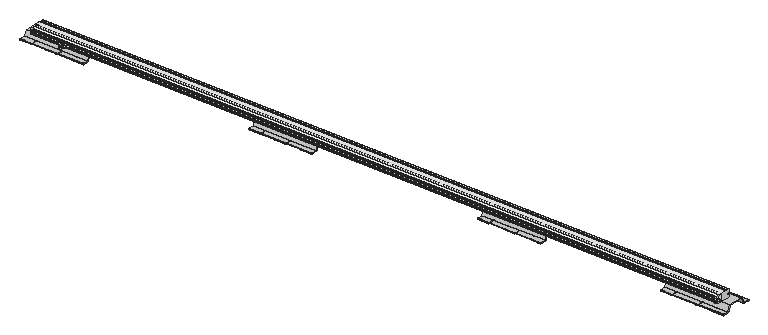
Revit family "FallProtection_RigidRail_Kattsafe_MetalDeck", category Specialty Equipment, Revit 2025
Family settings
  Round Connector Dimension = Use Diameter
  Part Type = Normal
  OmniClass Number = 23.27.71.21
  Enable Cutting in Views = No
  Cut with Voids When Loaded = No
  Maintain Annotation Orientation = No
  Shared = No
  Room Calculation Point = No
Parameters (values of type "Type 1")
  Uniclass2015Version = "Products v1.23"
  Uniclass2015Title = "Fall arrester devices"
  Uniclass2015Code = "Pr_40_70_75_29"
  URL = "https://kattsafe.com.au/"
  Type IFC Predefined Type = "USERDEFINED"
  Type Comments = "Rigid Rail - Metal Deck Mount - Horizontal"
  TrolleyType [instance] = Trolley_Kattsafe : Single Trolley (OH260)
  SupportExtra [instance] = ActualStartSupportInset + ActualFirstSupportSpacing + ((SupportCount - 1) * ActualSupportSpacing) < [built-in parameter 1001306] - 400 mm  # yes
  SupportCount [instance] = roundup(([built-in parameter 1001306] - ActualStartSupportInset - ActualFirstSupportSpacing) / ActualSupportSpacing)  # 2
  SupportArrayCountCalc [instance] = if(SupportCount < 2, 2, SupportCount)  # 2
  SupportArray [instance] = [built-in parameter 1001306] > ActualStartSupportInset + ActualFirstSupportSpacing + ActualSupportSpacing  # yes
  ShowRailJoinSupportZones [instance] = yes
  SafetyDisclaimer [instance] = "WARNING! The correct placement of access, fall protection and facade maintenance systems is critical to ensure it is fit-for-purpose and safe for the operator to use. Did you know Kattsafe® have a dedicated team of Height Safety System Design Specialists? Kattsafe® provide one-on-one consultation and system design assistance to ensure you are meeting the stringent requirements of height safety and to give you PEACE OF MIND with your project."  # constant formula
  RailJoinSupportZoneSingle [instance] = and(ShowRailJoinSupportZones, [built-in parameter 1001306] > 6500 mm, [built-in parameter 1001306] < 12500 mm)  # no
  RailJoinSupportZoneArray [instance] = and(ShowRailJoinSupportZones, [built-in parameter 1001306] > 12500 mm)  # no
  ManufacturerOverallDepth = 269 mm  # constant formula
  SecondSupportSingleCalc [instance] = not(SupportArray)  # no
  InternalRailJoinsCalc [instance] = if(InternalRailJoins < 2, 2, InternalRailJoins)  # 2
  InternalRailJoins [instance] = if(1 = 1, roundup(([built-in parameter 1001306] - 500 mm) / 6000 mm) - 1, 0)  # 0
  Export Type to IFC As = "IfcBuildingElementProxy"
  ElementType = "Fall Protection"
  Description = "Rigid rails provide significant spanning capabilities, making them very versatile where there are limited support structures. The high strength aluminium construction, along with the unique t-bolt assembly makes it a very simple and easily adaptable system to install."  # constant formula
  Default Elevation = 0 mm
  Assembly Code = "E1090100"
  ActualFirstSupportSpacing [instance] = if(DesiredFirstSupportSpacing < 100 mm, 100 mm, if(DesiredFirstSupportSpacing > [built-in parameter 1001306] - ActualStartSupportInset * 2, [built-in parameter 1001306] - ActualStartSupportInset * 2, if(DesiredFirstSupportSpacing > MaximumSpan, MaximumSpan, DesiredFirstSupportSpacing)))  # 2000 mm
  DesiredFirstSupportSpacing [instance] = 2000 mm
  ModifiedIssue = 20240430
  Model = "OH6"
  MaximumSpan [instance] = if(ActualUsersPerSpan = 1, 4000 mm, if(ActualUsersPerSpan = 2, 3200 mm, if(ActualUsersPerSpan = 3, 2500 mm, 2000 mm)))  # 4000 mm
  Material = Aluminum_Kattsafe_Satin
  ManufacturerURLProductSpecific = "https://kattsafe.com.au/products/rigid-rails/rigid-130-rail/rigid-130-rail-metal-deck-mount-OH6"
  ManufacturerSpecCode = Model  # "OH6"
  ManufacturerOverallLength [instance] = if(1 = 1, [built-in parameter 1001306], 0 mm)  # 6000 mm
  ManufacturerOverallHeight = 113 mm  # constant formula
  ManufacturerHeightFromFFL [instance] = 0 mm
  Manufacturer = "Kattsafe®"  # constant formula
  built-in parameter 1001306 [instance] = 6000 mm
  IfcExportType = "USERDEFINED"
  IfcExportAs = "IfcBuildingElementProxy"
  End2Capped [instance] = no
  End1Capped [instance] = no
  DesiredUsersPerSpan [instance] = 1
  DesiredSupportSpacing [instance] = 2000 mm
  DesiredStartSupportInset [instance] = 200 mm
  CreatedByURL = "https://igsgroup.com.au"
  CreatedBy = "IGS BIM Solutions"  # constant formula
  ActualUsersPerSpan [instance] = if(DesiredUsersPerSpan < 1, 1, if(DesiredUsersPerSpan > 4, 4, DesiredUsersPerSpan))  # 1
  ActualSupportSpacing [instance] = if(DesiredSupportSpacing < 100 mm, 100 mm, if(DesiredSupportSpacing > MaximumSpan, MaximumSpan, DesiredSupportSpacing))  # 2000 mm
  ActualStartSupportInset [instance] = if(DesiredStartSupportInset > 400 mm, 400 mm, if(DesiredStartSupportInset < 50 mm, 50 mm, DesiredStartSupportInset))  # 200 mm
Reference planes
  plane 1 "RailBack": y = 0
  plane 2 "BottomReference": z = 0
  plane 3 "Left": x = 0
  plane 4 "Right": x = 6000
  plane 5 "Bottom": z = 0
  plane 6 "RailFront": y = -130
  plane 7 "1stSupport": x = 200
  plane 8 "2ndSupport": x = 2200
  plane 9 "3rdSupport": x = 4200
  plane 10 "ExtraSupport": x = 5800
  plane 11 "RailCentre": z = 83
  plane 12 "BracketAlignment": y = -15
  plane 13 "Front": y = -149.5
  plane 14 "Back": y = 119.5
  plane 15 "Top": z = 113
  plane 16 "Trolley": x = 300
  plane 17 "RailJoin1": x = 6000
  plane 18 "RailJoin2": x = 12000
  plane 19 "RailCentre(Front/Back)": y = -65
Forms (mm)
  Sweep 1, solid, material "Aluminum_Kattsafe_Satin" <- "Material"
    path origin (0, 0, 83) x (-1, 0, 0) y (0, -1, 0)
      loop
        line (0, 130) -> (-6000, 130)
    profile "Z_Fallprotection_Kattsafe_Rigidrail_130 : Type 1" origin (3000, -130, 83) x (0, 1, 0) y (0, 0, 1)
      loop
        line (25.1, -30) -> (94.75, -30) -> (94.75, -23) -> (106.75, -23) -> (106.75, -30) -> (117, -30) -> (117, -24) -> (124, -24) -> (124, -30) -> (130, -30) -> (130, -10.5) -> (124, -10.5) -> (124, -16.5) -> (117, -16.5) -> (117, -10.5) -> (114, -10.5) -> (114, 10.5) -> (117, 10.5) -> (117, 16.5) -> (124, 16.5) -> (124, 10.5) -> (130, 10.5) -> (130, 30) -> (124, 30) -> (124, 24) -> (117, 24) -> (117, 30) -> (106.75, 30) -> (106.75, 23) -> (94.75, 23) -> (94.75, 30) -> (25.1, 30) -> (3.706, 24.267)
        arc (3.706, 24.267) -> (1.033, 22.482) -> (0, 19.438) r 5
        line (0, 19.438) -> (0, 9.025) -> (4, 9.025) -> (4, 17.903)
        arc (4, 17.903) -> (4.62, 19.729) -> (6.224, 20.801) r 3
        line (6.224, 20.801) -> (25.627, 26) -> (55, 26)
        arc (55, 26) -> (58.536, 24.536) -> (60, 21) r 5
        line (60, 21) -> (60, -21)
        arc (60, -21) -> (58.536, -24.536) -> (55, -26) r 5
        line (55, -26) -> (25.627, -26) -> (6.224, -20.801)
        arc (6.224, -20.801) -> (4.62, -19.729) -> (4, -17.903) r 3
        line (4, -17.903) -> (4, -9.025) -> (0, -9.025) -> (0, -19.438)
        arc (0, -19.438) -> (1.033, -22.482) -> (3.706, -24.267) r 5
        line (3.706, -24.267) -> (25.1, -30)
Lines and regions (mm)
  reference lines
    curve 1: line (0, 0, 0) -> (6000, 0, 0)
Text (mm)
  text "Disclaimer:\nDue to ongoing product development and manufacturing \nevolution, product details are subject to change without \nnotice. Please refer to product technical data sheets on \nthe manufacturers website for the most current product \ninformation. Please allow a +/- 5mm manufacturing \ntolerance for dimensions and set-outs shown in product \nliterature." at (9794.221, -1431.406, 0), in view "Ref. Level"
Dimensions and locks
  "built-in parameter 1001306": plane 3 "Left" to plane 4 "Right"
  "ManufacturerHeightFromFFL": plane 5 "Bottom" to plane 2 "BottomReference"
  locked: plane 1 "RailBack" to plane 6 "RailFront" at 130
  "ActualStartSupportInset": plane 7 "1stSupport" to plane 3 "Left"
  "ActualFirstSupportSpacing": plane 8 "2ndSupport" to plane 7 "1stSupport"
  "ActualSupportSpacing": plane 9 "3rdSupport" to plane 8 "2ndSupport"
  "ActualStartSupportInset": plane 4 "Right" to plane 10 "ExtraSupport"
  locked: plane 11 "RailCentre" to plane 5 "Bottom" at 83
  group 1 to group 2 = 2000 mm
  group 1 to group 2 = 0 mm
  group 2 to group 1 = 0 mm
  locked: plane 1 "RailBack" to plane 12 "BracketAlignment" at 15
  "ManufacturerOverallDepth": plane 13 "Front" to plane 14 "Back"
  "ManufacturerOverallHeight": plane 15 "Top" to plane 5 "Bottom"
  locked: plane 3 "Left" to plane 16 "Trolley" at 300
  group 3 to group 4 = 6000 mm
  group 4 to group 3 = 0 mm
  group 3 to group 4 = 0 mm
  plane 18 "RailJoin2" to plane 17 "RailJoin1" to plane 3 "Left" = 6000 mm locked, 6000 mm locked
  equal spacing: plane 6 "RailFront", plane 19 "RailCentre(Front/Back)", plane 1 "RailBack"
  aligned and locked: plane 4 "Right" to curve 1
  aligned and locked: plane 1 "RailBack" to curve 1
  aligned and locked: plane 3 "Left" to curve 1
  aligned and locked: level to plane 2 "BottomReference"
  aligned and locked: plane 3 "Left" to Sweep 1 sketch curve
  aligned and locked: plane 4 "Right" to Sweep 1 sketch curve
  aligned and locked: Sweep 1 sketch curve to plane 6 "RailFront"
  aligned and locked: nested 1 to plane 5 "Bottom"
  aligned and locked: plane 5 "Bottom" to nested 3
  aligned and locked: plane 5 "Bottom" to nested 2
  aligned and locked: plane 5 "Bottom" to nested 4
  aligned and locked: nested 2 to plane 8 "2ndSupport"
  aligned and locked: nested 3 to plane 8 "2ndSupport"
  aligned and locked: nested 4 to plane 10 "ExtraSupport"
  aligned and locked: plane 11 "RailCentre" to nested 5
  aligned and locked: nested 6 to plane 11 "RailCentre"
  aligned and locked: nested 6 to plane 1 "RailBack"
  aligned and locked: nested 5 to plane 1 "RailBack"
  aligned and locked: plane 12 "BracketAlignment" to nested 4
  aligned and locked: nested 7 to plane 9 "3rdSupport"
  aligned and locked: nested 7 to plane 5 "Bottom"
  aligned and locked: plane 7 "1stSupport" to nested 1
  aligned and locked: nested 1 to plane 12 "BracketAlignment"
  aligned and locked: nested 2 to plane 12 "BracketAlignment"
  aligned and locked: nested 3 to plane 12 "BracketAlignment"
  aligned and locked: nested 7 to plane 12 "BracketAlignment"
  aligned and locked: plane 16 "Trolley" to nested 8
  aligned and locked: nested 8 to plane 6 "RailFront"
  aligned and locked: nested 10 to plane 11 "RailCentre"
  aligned and locked: nested 9 to plane 11 "RailCentre"
  aligned and locked: nested 11 to plane 11 "RailCentre"
  aligned and locked: plane 18 "RailJoin2" to nested 11
  aligned and locked: plane 17 "RailJoin1" to nested 10
  aligned and locked: plane 17 "RailJoin1" to nested 9
  aligned and locked: plane 19 "RailCentre(Front/Back)" to nested 10
  aligned and locked: plane 19 "RailCentre(Front/Back)" to nested 9
  aligned and locked: plane 19 "RailCentre(Front/Back)" to nested 11
Nested families
  nested 1: "Z_Mount_Kattsafe_Rigidrail_Metaldeck" at (200, -15, 0), type "Type 1"
    with VerticalRailBracket no, Material Steel_Stainless_Kattsafe_Satin, ManufacturerOverallHeight 100 mm, HorizontalRailBracket yes
  nested 2: "Z_Mount_Kattsafe_Rigidrail_Metaldeck" at (2200, -15, 0), visible <- "SupportArray", type "Type 1"
    with VerticalRailBracket no, Material Steel_Stainless_Kattsafe_Satin, ManufacturerOverallHeight 100 mm, HorizontalRailBracket yes
  nested 3: "Z_Mount_Kattsafe_Rigidrail_Metaldeck" at (2200, -15, 0), visible <- "SecondSupportSingleCalc", type "Type 1"
    with VerticalRailBracket no, Material Steel_Stainless_Kattsafe_Satin, ManufacturerOverallHeight 100 mm, HorizontalRailBracket yes
  nested 4: "Z_Mount_Kattsafe_Rigidrail_Metaldeck" at (5800, -15, 0), visible <- "SupportExtra", type "Type 1"
    with VerticalRailBracket no, Material Steel_Stainless_Kattsafe_Satin, ManufacturerOverallHeight 100 mm, HorizontalRailBracket yes
  nested 5: "Z_Kattsafe_Endcap" at (0, -130, 83) x (0, 0, 1) z (-1, 0, 0), visible <- "End1Capped", type "Type 1"
  nested 6: "Z_Kattsafe_Endcap" at (6000, -130, 83) x (0, 0, -1) z (1, 0, 0), visible <- "End2Capped", type "Type 1"
  nested 7: "Z_Mount_Kattsafe_Rigidrail_Metaldeck" at (4200, -15, 0), visible <- "SupportArray", type "Type 1"
    with VerticalRailBracket no, Material Steel_Stainless_Kattsafe_Satin, ManufacturerOverallHeight 100 mm, HorizontalRailBracket yes
  nested 8: "Trolley_Kattsafe" at (300, -130, 83), type <- "TrolleyType", type "Single Trolley (OH260)"
  nested 9: "z_Clearance_Kattsafe_RailJoin" at (6000, -65, 83), visible <- "RailJoinSupportZoneSingle", type "Type 1"
  nested 10: "z_Clearance_Kattsafe_RailJoin" at (6000, -65, 83), visible <- "RailJoinSupportZoneArray", type "Type 1"
  nested 11: "z_Clearance_Kattsafe_RailJoin" at (12000, -65, 83), visible <- "RailJoinSupportZoneArray", type "Type 1"
Definition of nested family "Z_Mount_Kattsafe_Rigidrail_Metaldeck"
  Parameters (values of type "Type 1")
    VerticalRailBracket [instance] = not(HorizontalRailBracket)  # no
    URL = "https://kattsafe.com.au/"
    Type Comments = ""
    Model = "OH444A"
    Material [instance] = none
    ManufacturerOverallWidth = 552 mm  # constant formula
    ManufacturerOverallHeight [instance] = if(HorizontalRailBracket, 100 mm, 134 mm)  # 100 mm
    ManufacturerOverallDepth = 269 mm  # constant formula
    Manufacturer = "SAYFA"  # constant formula
    HorizontalRailBracket [instance] = yes
    Default Elevation = 1219.2 mm
    CreatedByURL = "https://igsgroup.com.au"
    CreatedBy = "IGS BIM Solutions"  # constant formula
  Reference planes
    plane 1 "Center (Front/Back)": y = 0
    plane 2: z = 0
    plane 3 "Center (Left/Right)": x = 0
    plane 4: z = 50
    plane 5: x = -276
    plane 6: x = 276
    plane 7: y = 134.5
    plane 8: y = -134.5
    plane 9: z = 3
    plane 10: y = 84.5
    plane 11: y = -84.5
    plane 12 "Top": z = 100
  Forms (mm)
    Extrusion 1, solid, material <- "Material"
      sketch origin (0, -1.4, 3) x (0, -1, 0) y (0, 0, 1)
        loop
          line (-69.522, 47) -> (-85.9, 2) -> (-135.9, 2) -> (-135.9, 0) -> (-84.5, 0) -> (-68.121, 45) -> (65.321, 45) -> (81.699, 0) -> (133.1, 0) -> (133.1, 2) -> (83.1, 2) -> (66.721, 47) -> (-69.522, 47)
      from -276 to 276
    Extrusion 2, solid
      sketch origin (0, 0, 0) x (1, 0, 0) y (0, 1, 0)
        loop
          line (-276, 134.5) -> (-276, 84.5) -> (-176, 84.5) -> (-176, 134.5) -> (-276, 134.5)
        loop
          line (-50, 134.5) -> (-50, 84.5) -> (50, 84.5) -> (50, 134.5) -> (-50, 134.5)
        loop
          line (176, 134.5) -> (176, 84.5) -> (276, 84.5) -> (276, 134.5) -> (176, 134.5)
        loop
          line (-276, -84.5) -> (-276, -134.5) -> (-176, -134.5) -> (-176, -84.5) -> (-276, -84.5)
        loop
          line (-50, -84.5) -> (-50, -134.5) -> (50, -134.5) -> (50, -84.5) -> (-50, -84.5)
        loop
          line (176, -84.5) -> (176, -134.5) -> (276, -134.5) -> (276, -84.5) -> (176, -84.5)
      from 0 to 3
    Extrusion 3, void
      sketch origin (0, 0, 0) x (1, 0, 0) y (0, 1, 0)
        loop
          line (-266, 134.5) -> (-276, 134.5) -> (-276, 124.5)
          arc (-276, 124.5) -> (-273.071, 131.571) -> (-266, 134.5) r 10
        loop
          arc (266, 134.5) -> (273.071, 131.571) -> (276, 124.5) r 10
          line (276, 124.5) -> (276, 134.5) -> (266, 134.5)
        loop
          arc (-266, -134.5) -> (-273.071, -131.571) -> (-276, -124.5) r 10
          line (-276, -124.5) -> (-276, -134.5) -> (-266, -134.5)
        loop
          line (266, -134.5) -> (276, -134.5) -> (276, -124.5)
          arc (276, -124.5) -> (273.071, -131.571) -> (266, -134.5) r 10
      from 3 to 5
    Extrusion 4, solid, material <- "Material", visible <- "HorizontalRailBracket"
      sketch origin (0, 10.29, 0) x (0, 1, 0) y (0, 0, 1)
        loop
          line (50.71, 50) -> (50.71, 56) -> (10.71, 56) -> (10.71, 100) -> (4.71, 100) -> (4.71, 50) -> (50.71, 50)
      from -100 to 100
    Extrusion 5, solid, material <- "Material", visible <- "VerticalRailBracket"
      sketch origin (0, 0, 0) x (0, 1, 0) y (0, 0, 1)
        loop
          line (-35, 134) -> (-35, 60)
          arc (-35, 60) -> (-32.071, 52.929) -> (-25, 50) r 10
          line (-25, 50) -> (25, 50)
          arc (25, 50) -> (32.071, 52.929) -> (35, 60) r 10
          line (35, 60) -> (35, 134) -> (30, 134) -> (30, 60)
          arc (30, 60) -> (28.536, 56.464) -> (25, 55) r 5
          line (25, 55) -> (-25, 55)
          arc (-25, 55) -> (-28.536, 56.464) -> (-30, 60) r 5
          line (-30, 60) -> (-30, 134) -> (-35, 134)
      from 25 to -25
  Cuts and joins
    Extrusion 3 cuts Extrusion 1
    Extrusion 3 cuts Extrusion 2
  Lines and regions (mm)
    Masking region 1
      outline origin (0, 0, 0) x (1, 0, 0) y (0, 1, 0)
        loop
          arc (-266, 134.5) -> (-273.071, 131.571) -> (-276, 124.5) r 10
          line (-276, 124.5) -> (-276, -124.5)
          arc (-276, -124.5) -> (-273.071, -131.571) -> (-266, -134.5) r 10
          line (-266, -134.5) -> (266, -134.5)
          arc (266, -134.5) -> (273.071, -131.571) -> (276, -124.5) r 10
          line (276, -124.5) -> (276, 124.5)
          arc (276, 124.5) -> (273.071, 131.571) -> (266, 134.5) r 10
          line (266, 134.5) -> (-266, 134.5)
    Masking region 2, visible <- "VerticalRailBracket"
      outline origin (0, 0, 0) x (1, 0, 0) y (0, 1, 0)
        loop
          line (-25, 30) -> (25, 30) -> (25, 35) -> (-25, 35) -> (-25, 30)
        loop
          line (25, -30) -> (-25, -30) -> (-25, -35) -> (25, -35) -> (25, -30)
    symbolic lines, detail levels medium+fine
      curve 1: line (-276, 84.5, 0) -> (276, 84.5, 0)
      curve 2: line (-276, 64.993, 0) -> (276, 64.993, 0)
      curve 3: line (-276, -64.993, 0) -> (276, -64.993, 0)
      curve 4: line (-276, -84.5, 0) -> (276, -84.5, 0)
    symbolic lines, visible <- "HorizontalRailBracket", detail levels medium+fine
      curve 5: line (-100, 61, 0) -> (-100, 15, 0)
      curve 6: line (100, 61, 0) -> (-100, 61, 0)
      curve 7: line (100, 15, 0) -> (100, 61, 0)
      curve 8: line (-100, 15, 0) -> (100, 15, 0)
      curve 9: line (100, 21, 0) -> (-100, 21, 0)
  Dimensions and locks
    locked: plane 4 to plane 2 at 50
    equal spacing: plane 5, plane 3 "Center (Left/Right)", plane 6
    "ManufacturerOverallWidth": plane 5 to plane 6
    equal spacing: plane 8, plane 1 "Center (Front/Back)", plane 7
    "ManufacturerOverallDepth": plane 8 to plane 7
    locked: Extrusion 1 sketch curve to Extrusion 1 sketch curve at 2  (x2)
    locked: plane 9 to Extrusion 1 sketch curve at 2  (x2)
    locked: plane 4 to Extrusion 1 sketch curve at 2
    locked: plane 5 to Extrusion 2 sketch curve at 100
    locked: Extrusion 2 sketch curve to plane 7 at 50
    Extrusion 2 sketch curve to plane 3 "Center (Left/Right)" to Extrusion 2 sketch curve = 50 mm locked, 50 mm locked
    locked: Extrusion 2 sketch curve to plane 6 at 100
    locked: plane 8 to Extrusion 2 sketch curve at 50
    locked: curve 3 to plane 1 "Center (Front/Back)" at 64.993
    locked: plane 1 "Center (Front/Back)" to curve 2 at 64.993
    locked: plane 7 to plane 10 at 50
    locked: plane 8 to plane 11 at 50
    locked: plane 9 to plane 2 at 3
    locked: plane 4 to Extrusion 4 sketch curve at 6
    locked: Extrusion 4 sketch curve to Extrusion 4 sketch curve at 6
    plane 4 to Extrusion 4 sketch curve = 50 mm
    Extrusion 5 sketch curve to Extrusion 5 sketch curve = 70 mm
    locked: Extrusion 5 sketch curve to Extrusion 5 sketch curve at 5  (x2)
    locked: plane 4 to Extrusion 5 sketch curve at 84
    "ManufacturerOverallHeight": plane 12 "Top" to plane 2
    radius of Masking region 1 sketch curve = 10 mm  (x4)
    radius of Extrusion 5 sketch curve = 10 mm  (x2)
    radius of Extrusion 5 sketch curve = 5 mm  (x2)
    locked: Extrusion 1 sketch curve to plane 10 (angle 20.00°)  (x2)
    locked: plane 11 to Extrusion 1 sketch curve (angle 20.00°)  (x2)
    aligned and locked: level to plane 2
    aligned and locked: plane 5 to Extrusion 1
    aligned and locked: Extrusion 1 to plane 6
    aligned and locked: plane 9 to Extrusion 1
    aligned and locked: plane 4 to Extrusion 1 sketch curve
    aligned and locked: plane 10 to Extrusion 1 sketch curve
    aligned and locked: plane 11 to Extrusion 1 sketch curve
    aligned and locked: plane 6 to Masking region 1 sketch curve
    aligned and locked: plane 7 to Masking region 1 sketch curve
    aligned and locked: Masking region 1 sketch curve to plane 5
    aligned and locked: Masking region 1 sketch curve to plane 8
    aligned and locked: plane 7 to Extrusion 2 sketch curve  (x3)
    aligned and locked: Extrusion 2 sketch curve to plane 5  (x2)
    aligned and locked: plane 6 to Extrusion 2 sketch curve  (x2)
    aligned and locked: Extrusion 2 sketch curve to Extrusion 2 sketch curve  (x8)
    aligned and locked: Extrusion 2 sketch curve to plane 8  (x3)
    aligned and locked: Extrusion 2 to plane 2
    aligned and locked: Extrusion 2 to plane 9
    aligned and locked: plane 6 to curve 3
    aligned and locked: plane 6 to curve 4
    aligned and locked: plane 6 to curve 2
    aligned and locked: plane 6 to curve 1
    aligned and locked: plane 5 to curve 1
    aligned and locked: plane 5 to curve 2
    aligned and locked: plane 5 to curve 3
    aligned and locked: plane 5 to curve 4
    aligned and locked: curve 1 to plane 10
    aligned and locked: curve 4 to plane 11
    aligned and locked: Extrusion 3 sketch curve to plane 7
    aligned and locked: Extrusion 3 sketch curve to plane 5
    aligned and locked: Extrusion 3 sketch curve to Masking region 1
    aligned and locked: plane 7 to Extrusion 3 sketch curve
    aligned and locked: Extrusion 3 sketch curve to plane 6
    aligned and locked: Extrusion 3 sketch curve to plane 8
    aligned and locked: plane 5 to Extrusion 3 sketch curve
    aligned and locked: plane 6 to Extrusion 3 sketch curve
    aligned and locked: plane 8 to Extrusion 3 sketch curve
    aligned and locked: Extrusion 3 to Extrusion 1  (x2)
    aligned and locked: curve 5 to Extrusion 4
    aligned and locked: curve 6 to Extrusion 4
    aligned and locked: curve 7 to Extrusion 4
    aligned and locked: curve 8 to Extrusion 4
    aligned and locked: curve 9 to Extrusion 4
    aligned and locked: Extrusion 5 sketch curve to plane 4
    aligned and locked: Extrusion 5 sketch curve to Extrusion 5 sketch curve
    aligned and locked: Masking region 2 sketch curve to Extrusion 5  (x6)
    aligned and locked: Extrusion 5 to Masking region 2 sketch curve
  Automatic sketch dimensions
    plane 7 to Extrusion 1 sketch curve = 0 mm
    plane 9 to Extrusion 1 sketch curve = 0 mm  (x2)
    plane 8 to Extrusion 1 sketch curve = 0 mm
    Extrusion 3 sketch curve to plane 5 = 0 mm
    plane 8 to Extrusion 3 sketch curve = 0 mm  (x2)
    plane 7 to Extrusion 3 sketch curve = 0 mm
    Extrusion 3 sketch curve to plane 6 = 0 mm  (x2)
    Extrusion 3 sketch curve to Extrusion 3 sketch curve = 10 mm  (x2)
    plane 6 to Extrusion 3 sketch curve = 10 mm
    Extrusion 3 sketch curve to Extrusion 3 sketch curve = 0 mm  (x8)
    plane 4 to Extrusion 4 sketch curve = 0 mm
    Extrusion 4 sketch curve to plane 1 "Center (Front/Back)" = 15 mm
    Extrusion 4 sketch curve to plane 10 = 23.5 mm
    Extrusion 5 sketch curve to Extrusion 5 sketch curve = 0 mm
    plane 7 to Extrusion 5 sketch curve = 169.5 mm
    Masking region 2 sketch curve to plane 3 "Center (Left/Right)" = 25 mm
Definition of nested family "Z_Kattsafe_Endcap"
  Parameters (values of type "Type 1")
    URL = "https://kattsafe.com.au/"
    Manufacturer = "SAYFA"  # constant formula
    EndBracket = yes
    Default Elevation = 1219.2 mm
  Reference planes
    plane 1 "Center (Front/Back)": y = 0
    plane 2: z = 0
    plane 3 "Center (Left/Right)": x = 0
  Forms (mm)
    Extrusion 1, solid
      sketch origin (0, 0, 0) x (1, 0, 0) y (0, 1, 0)
        loop
          line (-1219.2, 1219.2) -> (-1219.2, -1219.2) -> (1219.2, -1219.2) -> (1219.2, 1219.2) -> (-1219.2, 1219.2)
      from 0 to -304.8
    Extrusion 2, solid, visible <- "EndBracket"
      sketch origin (-1824.125, 130, 1039.649) x (0, 0, 1) y (-1, 0, 0)
        loop
          line (-1074.649, -1794) -> (-1039.649, -1794) -> (-1039.649, -1854.25) -> (-1074.649, -1854.25) -> (-1074.649, -1857.25) -> (-1036.649, -1857.25) -> (-1036.649, -1790.75) -> (-1074.649, -1790.75) -> (-1074.649, -1794)
      from 0 to 105
    Extrusion 3, solid, visible <- "EndBracket"
      sketch origin (-0.125, 0, 0) x (1, 0, 0) y (0, 1, 0)
        loop
          line (24.498, 3.697) -> (27.25, 13.889)
          spline (27.25, 13.889) -> (28.033, 14.815) -> (28.803, 15.741) -> (29.546, 16.667) -> (30.25, 17.593) -> (30.903, 18.519) -> (31.493, 19.444) -> (32.01, 20.37) -> (32.446, 21.296) -> (32.793, 22.222) -> (33.045, 23.148) -> (33.198, 24.074) -> (33.25, 25)
          line (33.25, 25) -> (-33.25, 25)
          spline (-33.25, 25) -> (-33.198, 24.074) -> (-33.045, 23.148) -> (-32.793, 22.222) -> (-32.446, 21.296) -> (-32.01, 20.37) -> (-31.492, 19.444) -> (-30.902, 18.519) -> (-30.249, 17.593) -> (-29.546, 16.667) -> (-28.803, 15.741) -> (-28.033, 14.815) -> (-27.25, 13.889)
          line (-27.25, 13.889) -> (-24.498, 3.697)
          arc (-24.498, 3.697) -> (-22.711, 1.03) -> (-19.671, 0) r 5
          line (-19.671, 0) -> (19.671, 0)
          arc (19.671, 0) -> (22.711, 1.03) -> (24.498, 3.697) r 5
      from 0 to 3
    Extrusion 4, void
      sketch origin (-0.125, 0, 0) x (1, 0, 0) y (0, 0, 1)
        loop
          line (-33.25, 3) -> (-33.25, -3)
          arc (-33.25, -3) -> (-31.493, 1.243) -> (-27.25, 3) r 6
          line (-27.25, 3) -> (-33.25, 3)
        loop
          line (33.25, 3) -> (27.25, 3)
          arc (27.25, 3) -> (31.493, 1.243) -> (33.25, -3) r 6
          line (33.25, -3) -> (33.25, 3)
      from -130 to 0
  Cuts and joins
    Extrusion 4 cuts Extrusion 2
    Extrusion 4 cuts Extrusion 3
    joined: Extrusion 2, Extrusion 3
  Dimensions and locks
    locked: Extrusion 2 sketch curve to Extrusion 2 sketch curve at 66.5
    locked: Extrusion 2 sketch curve to Extrusion 2 sketch curve at 3.25
    locked: Extrusion 2 sketch curve to Extrusion 2 sketch curve at 3
    aligned and locked: plane 2 to Extrusion 1
    aligned and locked: level to Extrusion 1
    aligned and locked: Extrusion 2 sketch curve to Extrusion 2 sketch curve
    aligned and locked: Extrusion 3 to Extrusion 2
    aligned and locked: Extrusion 4 to cut or joined group of Extrusion 2, Extrusion 3, Extrusion 4  (x2)
Definition of nested family "Trolley_Kattsafe"
  Parameters (values of type "Single Trolley (OH260)")
    URL = "https://kattsafe.com.au/"
    SingleTrolley = yes
    RollerOffsetCalc = if(DoubleRollers, 75 mm, 47 mm)  # 47 mm
    Model = "OH260"
    Material = none
    ManufacturerOverallWidth = if(SingleTrolley, 150 mm, 206 mm)  # 150 mm
    ManufacturerOverallHeight = 119 mm
    ManufacturerOverallDepth = 49 mm
    Manufacturer = "SAYFA"  # constant formula
    DualTrolley = no
    DualOffsetTrolley = no
    DualMultiTrolley = no
    DoubleRollers = not(SingleTrolley)  # no
    Default Elevation = 1219.2 mm
    CreatedByURL = "https://igsgroup.com.au"
    CreatedBy = "IGS BIM Solutions"  # constant formula
  Types (4, lengths in mm): name | SingleTrolley | RollerOffsetCalc | Model | ManufacturerOverallWidth | ManufacturerOverallHeight | DualTrolley | DualOffsetTrolley | DualMultiTrolley | DoubleRollers
    Single Trolley (OH260) | yes | 47 | "OH260" | 150 | 119 | no | no | no | no
    Dual Trolley (OH261A) | no | 75 | "OH261A" | 206 | 134 | yes | no | no | yes
    Dual Offset Trolley (OH261F) | no | 75 | "OH261F" | 206 | 122 | no | yes | no | yes
    Dual Multi Trolley (OH261M) | no | 75 | "OH261M" | 206 | 77 | no | no | yes | yes
  Reference planes
    plane 1 "Centre (Front/Back)": y = 0
    plane 2 "Ref. Level": y = 0
    plane 3 "Centre (Left/Right)": x = 0
    plane 4 "RailBottom": z = 0
  Forms (mm)
    Extrusion 1, solid, material <- "Material", detail levels medium+fine
      sketch origin (0, -42.75, 0) x (1, 0, 0) y (0, 1, 0)
        loop
          circle (-47, 74.555) r 26
        loop
          circle (47, 74.555) r 26
      from -18 to -3
    Extrusion 2, solid, material <- "Material", visible <- "DoubleRollers", detail levels medium+fine
      sketch origin (-6.323, 32.684, 0) x (1, 0, 0) y (0, 1, 0)
        loop
          circle (-24.927, 12.316) r 15
        loop
          circle (37.573, 12.316) r 15
      from -12 to -3
    Extrusion 3, solid, material <- "Material", visible <- "SingleTrolley", detail levels medium+fine
      sketch origin (-50.585, -29.555, 0) x (1, 0, 0) y (0, 1, 0)
        loop
          circle (50.585, 74.555) r 15
      from -12 to -3
    Extrusion 4, solid, material <- "Material", visible <- "DualTrolley"
      sketch origin (-28, -2.8, 0) x (1, 0, 0) y (0, 1, 0)
        loop
          line (-75, 46.8) -> (-75, 3.645)
          arc (-75, 3.645) -> (-73.478, -4.009) -> (-69.142, -10.497) r 20
          line (-69.142, -10.497) -> (-14.142, -65.497)
          arc (-14.142, -65.497) -> (-6.487, -70.274) -> (2.487, -71.2) r 20
          line (2.487, -71.2) -> (56.155, -71.2)
          arc (56.155, -71.2) -> (63.809, -69.678) -> (70.297, -65.342) r 20
          line (70.297, -65.342) -> (125.142, -10.497)
          arc (125.142, -10.497) -> (129.478, -4.009) -> (131, 3.645) r 20
          line (131, 3.645) -> (131, 46.8)
          arc (131, 46.8) -> (128.071, 53.871) -> (121, 56.8) r 10
          line (121, 56.8) -> (-65, 56.8)
          arc (-65, 56.8) -> (-72.071, 53.871) -> (-75, 46.8) r 10
        loop
          line (-24.657, -38.012) -> (-5.812, -56.857)
          arc (-5.812, -56.857) -> (-3.217, -58.591) -> (-0.155, -59.2) r 8
          line (-0.155, -59.2) -> (16, -59.2)
          arc (16, -59.2) -> (21.657, -56.857) -> (24, -51.2) r 8
          line (24, -51.2) -> (24, -32.355)
          arc (24, -32.355) -> (21.657, -26.698) -> (16, -24.355) r 8
          line (16, -24.355) -> (-19, -24.355)
          arc (-19, -24.355) -> (-26.391, -29.294) -> (-24.657, -38.012) r 8
        loop
          arc (80.657, -38.012) -> (82.391, -29.294) -> (75, -24.355) r 8
          line (75, -24.355) -> (40, -24.355)
          arc (40, -24.355) -> (34.343, -26.698) -> (32, -32.355) r 8
          line (32, -32.355) -> (32, -51.2)
          arc (32, -51.2) -> (34.343, -56.857) -> (40, -59.2) r 8
          line (40, -59.2) -> (56.155, -59.2)
          arc (56.155, -59.2) -> (59.217, -58.591) -> (61.812, -56.857) r 8
          line (61.812, -56.857) -> (80.657, -38.012)
      from -3 to 3
    Extrusion 5, solid, material <- "Material", visible <- "SingleTrolley", detail levels medium+fine
      sketch origin (-50.585, -29.555, 0) x (0, -1, 0) y (1, 0, 0)
        loop
          circle (-74.555, 50.585) r 15
      from -12 to -3
    Extrusion 6, solid, material <- "Material", visible <- "DualOffsetTrolley"
      sketch origin (0, 0, 0) x (0, 0, -1) y (0, 1, 0)
        loop
          line (-3, 54) -> (-3, -0.404)
          arc (-3, -0.404) -> (-3.457, -2.701) -> (-4.757, -4.647) r 6
          line (-4.757, -4.647) -> (-57.811, -57.701) -> (-53.569, -61.944) -> (-0.515, -8.89)
          arc (-0.515, -8.89) -> (2.087, -4.997) -> (3, -0.404) r 12
          line (3, -0.404) -> (3, 54) -> (-3, 54)
      from -103 to 103
    Extrusion 7, void
      sketch origin (0, -4.647, 4.757) x (0, -0.707107, 0.707107) y (1, 0, 0)
        loop
          arc (14.327, -97.142) -> (7.838, -101.478) -> (0.185, -103) r 20
          line (0.185, -103) -> (75.029, -103) -> (75.029, -30.487)
          arc (75.029, -30.487) -> (73.15, -36.79) -> (69.327, -42.142) r 20
          line (69.327, -42.142) -> (14.327, -97.142)
        loop
          line (14.327, 97.142) -> (69.172, 42.297)
          arc (69.172, 42.297) -> (73.507, 35.809) -> (75.029, 28.155) r 20
          line (75.029, 28.155) -> (75.029, 103) -> (0.185, 103)
          arc (0.185, 103) -> (7.838, 101.478) -> (14.327, 97.142) r 20
        loop
          line (41.842, -52.657) -> (60.686, -33.812)
          arc (60.686, -33.812) -> (62.42, -31.217) -> (63.029, -28.155) r 8
          line (63.029, -28.155) -> (63.029, -12)
          arc (63.029, -12) -> (60.686, -6.343) -> (55.029, -4) r 8
          line (55.029, -4) -> (36.185, -4)
          arc (36.185, -4) -> (30.528, -6.343) -> (28.185, -12) r 8
          line (28.185, -12) -> (28.185, -47)
          arc (28.185, -47) -> (33.123, -54.391) -> (41.842, -52.657) r 8
        loop
          arc (41.842, 52.657) -> (33.123, 54.391) -> (28.185, 47) r 8
          line (28.185, 47) -> (28.185, 12)
          arc (28.185, 12) -> (30.528, 6.343) -> (36.185, 4) r 8
          line (36.185, 4) -> (55.029, 4)
          arc (55.029, 4) -> (60.686, 6.343) -> (63.029, 12) r 8
          line (63.029, 12) -> (63.029, 28.155)
          arc (63.029, 28.155) -> (62.42, 31.217) -> (60.686, 33.812) r 8
          line (60.686, 33.812) -> (41.842, 52.657)
      from -6 to 0
    Extrusion 8, void
      sketch origin (-1, 27, 74.239) x (0, -0.707107, -0.707107) y (1, 0, 0)
        loop
          line (45.12, -96.142) -> (-9.88, -41.142)
          arc (-9.88, -41.142) -> (-13.703, -35.79) -> (-15.582, -29.487) r 20
          line (-15.582, -29.487) -> (-15.582, -102) -> (59.262, -102)
          arc (59.262, -102) -> (51.609, -100.478) -> (45.12, -96.142) r 20
        loop
          arc (45.12, 98.142) -> (51.609, 102.478) -> (59.262, 104) r 20
          line (59.262, 104) -> (-15.582, 104) -> (-15.582, 29.155)
          arc (-15.582, 29.155) -> (-14.06, 36.809) -> (-9.725, 43.297) r 20
          line (-9.725, 43.297) -> (45.12, 98.142)
        loop
          arc (17.605, -51.657) -> (26.324, -53.391) -> (31.262, -46) r 8
          line (31.262, -46) -> (31.262, -11)
          arc (31.262, -11) -> (28.919, -5.343) -> (23.262, -3) r 8
          line (23.262, -3) -> (4.418, -3)
          arc (4.418, -3) -> (-1.239, -5.343) -> (-3.582, -11) r 8
          line (-3.582, -11) -> (-3.582, -27.155)
          arc (-3.582, -27.155) -> (-2.973, -30.217) -> (-1.239, -32.812) r 8
          line (-1.239, -32.812) -> (17.605, -51.657)
        loop
          line (17.605, 53.657) -> (-1.239, 34.812)
          arc (-1.239, 34.812) -> (-2.973, 32.217) -> (-3.582, 29.155) r 8
          line (-3.582, 29.155) -> (-3.582, 13)
          arc (-3.582, 13) -> (-1.239, 7.343) -> (4.418, 5) r 8
          line (4.418, 5) -> (23.262, 5)
          arc (23.262, 5) -> (28.919, 7.343) -> (31.262, 13) r 8
          line (31.262, 13) -> (31.262, 48)
          arc (31.262, 48) -> (26.324, 55.391) -> (17.605, 53.657) r 8
      from 0 to 6
    Extrusion 9, solid, material <- "Material", detail levels medium+fine
      sketch origin (0, -42.75, 0) x (1, 0, 0) y (0, 1, 0)
        loop
          circle (-47, 74.555) r 26
        loop
          circle (47, 74.555) r 26
      from 3 to 18
    Extrusion 10, solid, material <- "Material", visible <- "DoubleRollers", detail levels medium+fine
      sketch origin (-6.323, 32.684, 0) x (1, 0, 0) y (0, 1, 0)
        loop
          circle (-24.927, 12.316) r 15
        loop
          circle (37.573, 12.316) r 15
      from 3 to 12
    Extrusion 11, solid, material <- "Material", visible <- "SingleTrolley", detail levels medium+fine
      sketch origin (-50.585, -29.555, 0) x (1, 0, 0) y (0, 1, 0)
        loop
          circle (50.585, 74.555) r 15
      from 3 to 12
    Extrusion 12, solid, material <- "Material", visible <- "DualMultiTrolley"
      sketch origin (0, 0, 0) x (0, 1, 0) y (0, 0, 1)
        loop
          line (54, 3) -> (-6, 3)
          arc (-6, 3) -> (-10.243, 4.757) -> (-12, 9) r 6
          line (-12, 9) -> (-12, 32.754)
          arc (-12, 32.754) -> (-11.543, 35.05) -> (-10.243, 36.997) r 6
          line (-10.243, 36.997) -> (38.018, 85.258) -> (33.776, 89.5) -> (-14.485, 41.239)
          arc (-14.485, 41.239) -> (-17.087, 37.346) -> (-18, 32.754) r 12
          line (-18, 32.754) -> (-18, 9)
          arc (-18, 9) -> (-14.485, 0.515) -> (-6, -3) r 12
          line (-6, -3) -> (54, -3) -> (54, 3)
      from -103 to 103
    Extrusion 13, solid, material <- "Material", visible <- "SingleTrolley"
      sketch origin (0, 0, 0) x (1, 0, 0) y (0, 1, 0)
        loop
          line (-75, 44) -> (-75, 16)
          arc (-75, 16) -> (-73.478, 8.346) -> (-69.142, 1.858) r 20
          line (-69.142, 1.858) -> (-14.142, -53.142)
          arc (-14.142, -53.142) -> (0, -59) -> (14.142, -53.142) r 20
          line (14.142, -53.142) -> (69.142, 1.858)
          arc (69.142, 1.858) -> (73.478, 8.346) -> (75, 16) r 20
          line (75, 16) -> (75, 44)
          arc (75, 44) -> (72.071, 51.071) -> (65, 54) r 10
          line (65, 54) -> (-65, 54)
          arc (-65, 54) -> (-72.071, 51.071) -> (-75, 44) r 10
        loop
          line (-24.657, -25.657) -> (-5.657, -44.657)
          arc (-5.657, -44.657) -> (0, -47) -> (5.657, -44.657) r 8
          line (5.657, -44.657) -> (24.657, -25.657)
          arc (24.657, -25.657) -> (26.391, -16.939) -> (19, -12) r 8
          line (19, -12) -> (-19, -12)
          arc (-19, -12) -> (-26.391, -16.939) -> (-24.657, -25.657) r 8
      from -3 to 3
  Cuts and joins
    Extrusion 7, Extrusion 8 cuts Extrusion 6
    Extrusion 8 cuts Extrusion 12
  Text (mm)
    text "Disclaimer:\nDue to ongoing product development and manufacturing \nevolution, product details are subject to change without \nnotice. Please refer to product technical data sheets on \nthe manufacturers website for the most current product \ninformation. Please allow a +/- 5mm manufacturing \ntolerance for dimensions and set-outs shown in product \nliterature." at (985.527, 159.228, 0), in view "Ref. Level"
  Dimensions and locks
    Extrusion 4 sketch curve to plane 3 "Centre (Left/Right)" to Extrusion 4 sketch curve = 103 mm locked, 103 mm locked
    locked: Extrusion 6 sketch curve to Extrusion 6 sketch curve at 6
    "RollerOffsetCalc": plane 3 "Centre (Left/Right)" to Extrusion 1 sketch curve
    "RollerOffsetCalc": Extrusion 1 sketch curve to plane 3 "Centre (Left/Right)"
    "RollerOffsetCalc": Extrusion 9 sketch curve to plane 3 "Centre (Left/Right)"
    "RollerOffsetCalc": plane 3 "Centre (Left/Right)" to Extrusion 9 sketch curve
    locked: Extrusion 12 sketch curve to Extrusion 12 sketch curve at 6
    Extrusion 13 sketch curve to plane 3 "Centre (Left/Right)" to Extrusion 13 sketch curve = 75 mm locked, 75 mm locked
    radius of Extrusion 1 sketch curve = 26 mm  (x2)
    radius of Extrusion 2 sketch curve = 15 mm  (x2)
    radius of Extrusion 3 sketch curve = 15 mm
    radius of Extrusion 4 sketch curve = 10 mm  (x2)
    radius of Extrusion 4 sketch curve = 20 mm  (x4)
    radius of Extrusion 4 sketch curve = 8 mm  (x7)
    radius of Extrusion 5 sketch curve = 15 mm
    radius of Extrusion 6 sketch curve = 6 mm
    radius of Extrusion 6 sketch curve = 12 mm
    radius of Extrusion 7 sketch curve = 20 mm  (x2)
    radius of Extrusion 7 sketch curve = 8 mm  (x7)
    radius of Extrusion 8 sketch curve = 20 mm  (x2)
    radius of Extrusion 8 sketch curve = 8 mm  (x7)
    radius of Extrusion 9 sketch curve = 26 mm  (x2)
    radius of Extrusion 10 sketch curve = 15 mm  (x2)
    radius of Extrusion 11 sketch curve = 15 mm
    radius of Extrusion 12 sketch curve = 12 mm  (x2)
    radius of Extrusion 12 sketch curve = 6 mm  (x2)
    radius of Extrusion 13 sketch curve = 10 mm  (x2)
    radius of Extrusion 13 sketch curve = 20 mm  (x3)
    radius of Extrusion 13 sketch curve = 8 mm  (x3)
    aligned and locked: plane 3 "Centre (Left/Right)" to Extrusion 3 sketch curve
    aligned and locked: Extrusion 3 to Extrusion 1
    aligned and locked: cut or joined group of Extrusion 6, Extrusion 7, Extrusion 8 to Extrusion 7
    aligned and locked: Extrusion 7 to cut or joined group of Extrusion 6, Extrusion 7, Extrusion 8
    aligned and locked: Extrusion 9 to Extrusion 4
    aligned and locked: Extrusion 10 to Extrusion 4
    aligned and locked: Extrusion 10 to Extrusion 11
    aligned and locked: Extrusion 11 to Extrusion 4
    aligned and locked: Extrusion 8 to Extrusion 12  (x2)
    aligned and locked: Extrusion 12 to Extrusion 4  (x2)
    aligned and locked: Extrusion 13 to Extrusion 1
    aligned and locked: Extrusion 4 to Extrusion 13
    aligned and locked: Extrusion 1 to Extrusion 2
  Automatic sketch dimensions
    Extrusion 2 sketch curve to plane 3 "Centre (Left/Right)" = 31.25 mm
    plane 3 "Centre (Left/Right)" to Extrusion 2 sketch curve = 31.25 mm
    Extrusion 2 sketch curve to plane 1 "Centre (Front/Back)" = 45 mm  (x2)
    Extrusion 3 sketch curve to plane 1 "Centre (Front/Back)" = 45 mm
    Extrusion 4 sketch curve to Extrusion 4 sketch curve = 0 mm  (x3)
    plane 1 "Centre (Front/Back)" to Extrusion 4 sketch curve = 13.297 mm  (x2)
    Extrusion 4 sketch curve to Extrusion 4 sketch curve = 5.858 mm  (x2)
    Extrusion 4 sketch curve to Extrusion 4 sketch curve = 30.343 mm
    Extrusion 4 sketch curve to Extrusion 4 sketch curve = 5.657 mm  (x4)
    Extrusion 4 sketch curve to Extrusion 4 sketch curve = 10.515 mm
    Extrusion 4 sketch curve to Extrusion 4 sketch curve = 8.33 mm
    Extrusion 4 sketch curve to Extrusion 4 sketch curve = 0.155 mm
    Extrusion 4 sketch curve to Extrusion 4 sketch curve = 2.643 mm
    Extrusion 4 sketch curve to plane 3 "Centre (Left/Right)" = 12 mm
    plane 3 "Centre (Left/Right)" to Extrusion 4 sketch curve = 4 mm
    Extrusion 4 sketch curve to Extrusion 4 sketch curve = 8 mm
    Extrusion 4 sketch curve to Extrusion 4 sketch curve = 16.155 mm
    Extrusion 4 sketch curve to Extrusion 4 sketch curve = 8.485 mm
    Extrusion 4 sketch curve to Extrusion 4 sketch curve = 18.845 mm  (x2)
    plane 1 "Centre (Front/Back)" to Extrusion 4 sketch curve = 40.812 mm  (x2)
    Extrusion 4 sketch curve to Extrusion 4 sketch curve = 43.155 mm
    Extrusion 5 sketch curve to plane 3 "Centre (Left/Right)" = 0 mm
    Extrusion 5 sketch curve to plane 1 "Centre (Front/Back)" = 45 mm
    Extrusion 6 sketch curve to Extrusion 6 sketch curve = 0 mm  (x2)
    level to Extrusion 6 sketch curve = 57.811 mm
    Extrusion 6 sketch curve to Extrusion 6 sketch curve = 4.243 mm
    plane 1 "Centre (Front/Back)" to Extrusion 6 sketch curve = 0.404 mm
    level to Extrusion 6 sketch curve = 9 mm
    plane 1 "Centre (Front/Back)" to Extrusion 6 sketch curve = 4.647 mm
    level to Extrusion 6 sketch curve = 0.515 mm
    Extrusion 6 sketch curve to plane 1 "Centre (Front/Back)" = 54 mm
    Extrusion 7 sketch curve to Extrusion 7 sketch curve = 0 mm  (x6)
    Extrusion 7 sketch curve to Extrusion 6 = 0 mm  (x4)
    Extrusion 6 to Extrusion 7 sketch curve = 0 mm  (x2)
    Extrusion 7 sketch curve to Extrusion 7 sketch curve = 13.188 mm
    Extrusion 7 sketch curve to Extrusion 6 = 33.188 mm
    Extrusion 7 sketch curve to Extrusion 7 sketch curve = 18.845 mm  (x2)
    Extrusion 7 sketch curve to Extrusion 7 sketch curve = 5.657 mm
    Extrusion 6 to Extrusion 7 sketch curve = 5.858 mm  (x2)
    Extrusion 7 sketch curve to Extrusion 6 = 14.327 mm  (x2)
    Extrusion 7 sketch curve to Extrusion 6 = 0.185 mm  (x2)
    Extrusion 7 sketch curve to Extrusion 7 sketch curve = 0.155 mm
    Extrusion 7 sketch curve to Extrusion 7 sketch curve = 2.343 mm  (x2)
    Extrusion 7 sketch curve to Extrusion 6 = 5.858 mm
    Extrusion 7 sketch curve to Extrusion 6 = 5.703 mm
    Extrusion 6 to Extrusion 7 sketch curve = 50.343 mm
    Extrusion 7 sketch curve to Extrusion 7 sketch curve = 10.515 mm
    Extrusion 7 sketch curve to Extrusion 7 sketch curve = 5.812 mm
    Extrusion 7 sketch curve to Extrusion 7 sketch curve = 16 mm
    Extrusion 7 sketch curve to Extrusion 7 sketch curve = 8 mm
    Extrusion 7 sketch curve to Extrusion 7 sketch curve = 16.155 mm
    Extrusion 8 sketch curve to Extrusion 8 sketch curve = 0 mm  (x4)
    plane 3 "Centre (Left/Right)" to Extrusion 8 sketch curve = 103 mm
    Extrusion 8 sketch curve to Extrusion 8 sketch curve = 20 mm  (x2)
    Extrusion 8 sketch curve to plane 3 "Centre (Left/Right)" = 42.142 mm
    Extrusion 8 sketch curve to Extrusion 8 sketch curve = 5.703 mm
    plane 3 "Centre (Left/Right)" to Extrusion 8 sketch curve = 42.297 mm
    Extrusion 8 sketch curve to Extrusion 8 sketch curve = 5.858 mm
    Extrusion 8 sketch curve to Extrusion 8 sketch curve = 12 mm
    plane 3 "Centre (Left/Right)" to Extrusion 8 sketch curve = 33.812 mm
    Extrusion 8 sketch curve to plane 3 "Centre (Left/Right)" = 33.812 mm
    Extrusion 8 sketch curve to Extrusion 8 sketch curve = 2.343 mm
    Extrusion 8 sketch curve to Extrusion 8 sketch curve = 0.155 mm
    Extrusion 8 sketch curve to plane 3 "Centre (Left/Right)" = 52.657 mm
    Extrusion 8 sketch curve to Extrusion 8 sketch curve = 18.845 mm  (x2)
    plane 3 "Centre (Left/Right)" to Extrusion 8 sketch curve = 52.657 mm
    Extrusion 8 sketch curve to Extrusion 8 sketch curve = 5.657 mm  (x2)
    Extrusion 8 sketch curve to Extrusion 8 sketch curve = 8 mm
    plane 3 "Centre (Left/Right)" to Extrusion 8 sketch curve = 97.142 mm
    Extrusion 8 sketch curve to Extrusion 8 sketch curve = 13.858 mm  (x2)
    Extrusion 8 sketch curve to plane 3 "Centre (Left/Right)" = 97.142 mm
    Extrusion 8 sketch curve to Extrusion 8 sketch curve = 14.142 mm  (x3)
    Extrusion 8 sketch curve to Extrusion 8 sketch curve = 50.343 mm
    Extrusion 8 sketch curve to plane 3 "Centre (Left/Right)" = 12 mm
    plane 3 "Centre (Left/Right)" to Extrusion 8 sketch curve = 4 mm
    Extrusion 10 sketch curve to plane 3 "Centre (Left/Right)" = 31.25 mm
    plane 3 "Centre (Left/Right)" to Extrusion 10 sketch curve = 31.25 mm
    Extrusion 10 sketch curve to plane 1 "Centre (Front/Back)" = 45 mm  (x2)
    Extrusion 11 sketch curve to plane 3 "Centre (Left/Right)" = 0 mm
    Extrusion 11 sketch curve to plane 1 "Centre (Front/Back)" = 45 mm
    Extrusion 12 sketch curve to Extrusion 12 sketch curve = 0 mm  (x4)
    plane 1 "Centre (Front/Back)" to Extrusion 12 sketch curve = 18 mm
    Extrusion 12 sketch curve to Extrusion 12 sketch curve = 2.485 mm
    Extrusion 12 sketch curve to Extrusion 12 sketch curve = 1.757 mm
    Extrusion 12 sketch curve to Extrusion 12 sketch curve = 48.261 mm
    Extrusion 12 sketch curve to Extrusion 12 sketch curve = 4.243 mm
    Extrusion 12 sketch curve to Extrusion 12 sketch curve = 60 mm
    Extrusion 12 sketch curve to level = 3 mm
    Extrusion 12 sketch curve to Extrusion 12 sketch curve = 23.754 mm
    Extrusion 13 sketch curve to plane 3 "Centre (Left/Right)" = 0 mm
    Extrusion 13 sketch curve to plane 3 "Centre (Left/Right)" = 14.142 mm
    Extrusion 13 sketch curve to plane 1 "Centre (Front/Back)" = 1.858 mm  (x2)
    Extrusion 13 sketch curve to Extrusion 13 sketch curve = 14.142 mm  (x3)
    plane 1 "Centre (Front/Back)" to Extrusion 13 sketch curve = 39 mm
    Extrusion 13 sketch curve to Extrusion 13 sketch curve = 28 mm
    Extrusion 13 sketch curve to Extrusion 13 sketch curve = 0 mm  (x2)
    Extrusion 13 sketch curve to plane 3 "Centre (Left/Right)" = 24.657 mm
    Extrusion 13 sketch curve to Extrusion 13 sketch curve = 5.657 mm  (x3)
    plane 3 "Centre (Left/Right)" to Extrusion 13 sketch curve = 5.657 mm
    plane 3 "Centre (Left/Right)" to Extrusion 13 sketch curve = 19 mm
    plane 1 "Centre (Front/Back)" to Extrusion 13 sketch curve = 25.657 mm
    Extrusion 1 sketch curve to plane 1 "Centre (Front/Back)" = 31.805 mm  (x2)
    Extrusion 9 sketch curve to plane 1 "Centre (Front/Back)" = 31.805 mm  (x2)
Definition of nested family "z_Clearance_Kattsafe_RailJoin"
  Parameters (values of type "Type 1")
    URL = "https://kattsafe.com.au/"
    RailHeight = 60 mm
    RailDepth = 130 mm
    Material = none
    Manufacturer = "SAYFA"  # constant formula
    Length = 1000 mm
    Default Elevation = 1219.2 mm
    CreatedByURL = "https://igsgroup.com.au"
    CreatedBy = "IGS BIM Solutions"  # constant formula
  Reference planes
    plane 1 "Center (Front/Back)": y = 0
    plane 2: z = 0
    plane 3 "Center (Left/Right)": x = 0
    plane 4 "Left": x = -500
    plane 5 "Right": x = 500
    plane 6: y = 65
    plane 7: y = -65
    plane 8: z = 30
    plane 9: z = -30
    plane 10 "Center (Elevation)": z = 0
    plane 11 "Top": z = 50
    plane 12 "Bottom": z = -50
    plane 13 "Back": y = 85
    plane 14 "Front": y = -85
  Forms (mm)
    Extrusion 1, solid, material <- "Material"
      sketch origin (0, 0, 0) x (1, 0, 0) y (0, 1, 0)
        loop
          line (-500, 85) -> (-500, -85) -> (500, -85) -> (500, 85) -> (-500, 85)
      from -50 to 50
  Lines and regions (mm)
    symbolic lines
      curve 1: line (-500, 0, 50) -> (500, 0, 50)
      curve 2: line (-500, 0, -50) -> (-500, 0, 50)
      curve 3: line (500, 0, -50) -> (-500, 0, -50)
      curve 4: line (500, 0, 50) -> (500, 0, -50)
      curve 5: line (-500, 85, 0) -> (500, 85, 0)
      curve 6: line (-500, -85, 0) -> (-500, 85, 0)
      curve 7: line (500, -85, 0) -> (-500, -85, 0)
      curve 8: line (500, 85, 0) -> (500, -85, 0)
  Dimensions and locks
    equal spacing: plane 6, plane 1 "Center (Front/Back)", plane 7
    "RailDepth": plane 6 to plane 7
    "RailHeight": plane 8 to plane 9
    "Length": plane 4 "Left" to plane 5 "Right"
    equal spacing: plane 4 "Left", plane 3 "Center (Left/Right)", plane 5 "Right"
    equal spacing: plane 8, plane 10 "Center (Elevation)", plane 9
    locked: plane 11 "Top" to plane 8 at 20
    locked: plane 9 to plane 12 "Bottom" at 20
    locked: plane 13 "Back" to plane 6 at 20
    locked: plane 7 to plane 14 "Front" at 20
    locked: plane 10 "Center (Elevation)" to plane 2
    aligned and locked: level to plane 2
    aligned and locked: plane 4 "Left" to Extrusion 1 sketch curve
    aligned and locked: Extrusion 1 sketch curve to plane 5 "Right"
    aligned and locked: plane 5 "Right" to Extrusion 1
    aligned and locked: Extrusion 1 to plane 4 "Left"
    aligned and locked: Extrusion 1 to plane 12 "Bottom"
    aligned and locked: plane 11 "Top" to Extrusion 1
    aligned and locked: plane 13 "Back" to Extrusion 1
    aligned and locked: Extrusion 1 to plane 14 "Front"
    aligned and locked: curve 1 to plane 11 "Top"
    aligned and locked: plane 12 "Bottom" to curve 3
    aligned and locked: curve 4 to plane 5 "Right"
    aligned and locked: plane 4 "Left" to curve 2
    aligned and locked: curve 5 to plane 13 "Back"
    aligned and locked: plane 4 "Left" to curve 6
    aligned and locked: plane 14 "Front" to curve 7
    aligned and locked: curve 8 to plane 5 "Right"
  Automatic sketch dimensions
    Extrusion 1 sketch curve to plane 7 = 20 mm
    plane 6 to Extrusion 1 sketch curve = 20 mm
